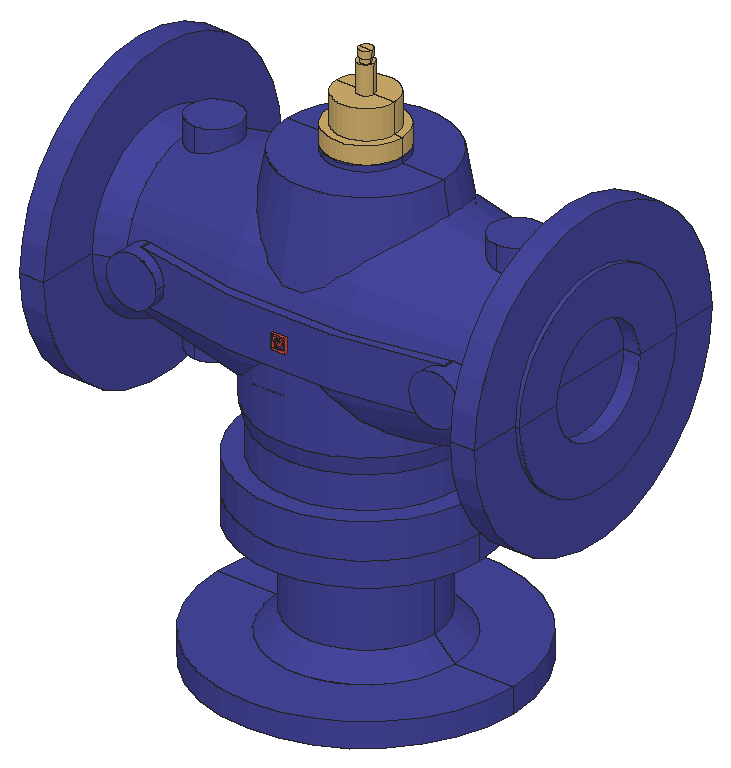
Revit family "Regelventil 4037", category Rohrzubehör, Revit 2018
Family settings
  Bemaßung runder Anschluss = Durchmesser verwenden
  Teiletyp = Unterbricht
  OmniClass-Nummer = 23.65.55.14
  OmniClass-Titel = Valves for Liquid Services
  Arbeitsebenenbasiert = Nein
  Immer vertikal = Ja
  Beim Laden mit Abzugskörper schneiden = Nein
  Gemeinsam genutzt = Nein
Parameters (values of type "kvs63")
  kvs63 = yes
  kvs6.3 = no
  kvs40 = no
  kvs4 = no
  kvs330 = no
  kvs250 = no
  kvs25 = no
  kvs2.5 = no
  kvs160 = no
  kvs16 = no
  kvs100 = no
  kvs10 = no
  kvs1.6 = no
  kvs1 = no
  Ventilsitz = "WN1.4021"  # constant formula
  Ventilkegel = "WN1.4021/Messing"  # constant formula
  Ventilcharakteristik = "gleichprozentig"  # constant formula
  URL = "www.herz-armaturen.at"
  Spindel = "WN1.4404"  # constant formula
  SCTWSEQ = "FW;SBT_TYP_FW=\"101\";3"
  SCTWCODE = "04;05;03"  # constant formula
  SCRNSEQ = "ARM;ARM_TYP=\"MISV\";3"
  SCRNCODE = "05;18;03"  # constant formula
  R14 = 4 mm  # constant formula
  R13 = 3 mm  # constant formula
  R12 = 5 mm  # constant formula
  R11 [instance] = size_lookup("4037_", "R11", 18 mm, Nennweite)  # 18 mm
  R10 [instance] = size_lookup("4037_", "R10", 23 mm, Nennweite)  # 23 mm
  R09 [instance] = size_lookup("4037_", "R9", 49 mm, Nennweite)  # 49 mm
  R08 [instance] = R00 + 3 mm  # 68 mm
  R07 [instance] = size_lookup("4037_", "R7", 15.5 mm, Nennweite)  # 15.5 mm
  R06 [instance] = size_lookup("4037_", "R6", 15.5 mm, Nennweite)  # 15.5 mm
  R05 [instance] = size_lookup("4037_", "R5", 62.5 mm, Nennweite)  # 62.5 mm
  R04 [instance] = size_lookup("4037_", "R4", 59.5 mm, Nennweite)  # 59.5 mm
  R03 [instance] = size_lookup("4037_", "R3", 43 mm, Nennweite)  # 71 mm
  R02 [instance] = size_lookup("4037_", "R2", 43 mm, Nennweite)  # 43 mm
  R01 [instance] = size_lookup("4037_", "R1", 55.5 mm, Nennweite)  # 55.5 mm
  R00 [instance] = size_lookup("4037_", "R", 65 mm, Nennweite)  # 65 mm
  PN = 16  # constant formula
  Nennweite [instance] = 65 mm
  Min. Betriebstemperatur = 5 °C  # constant formula
  Medium = "Wasserbeschaffenheit gemäß ÖNORM H 5195 und VDI 2035."
  Max. Betriebstemperatur = 150 °C  # constant formula
  Max. Betriebsdruck = 1600000.0 Pa  # constant formula
  LO1 [instance] = size_lookup("4037_", "LO1", 28.5 mm, Nennweite)  # 68 mm
  L07 [instance] = L06 - R06  # 94.5 mm
  L06 [instance] = size_lookup("4037_", "L6", 110 mm, Nennweite)  # 110 mm
  L05 [instance] = D00  # 92.5 mm
  L04 = 12.5 mm  # constant formula
  L03 = 10 mm  # constant formula
  L02 [instance] = size_lookup("4037_", "L2", 15 mm, Nennweite)  # 15 mm
  L01 = 3 mm  # constant formula
  L00 [instance] = size_lookup("4037_", "L", 145 mm, Nennweite)  # 145 mm
  Hersteller = "Herz-Armaturen GmbH"  # constant formula
  H16 [instance] = size_lookup("4037_", "H16", 22 mm, Nennweite)  # 22 mm
  H15 = 4 mm  # constant formula
  H14 [instance] = size_lookup("4037_", "H14", 17 mm, Nennweite)  # 17 mm
  H13 [instance] = size_lookup("4037_", "H13", 18 mm, Nennweite)  # 18 mm
  H12 [instance] = size_lookup("4037_", "H12", 10.5 mm, Nennweite)  # 10.5 mm
  H11 [instance] = size_lookup("4037_", "H11", 52.5 mm, Nennweite)  # 52.5 mm
  H10 [instance] = size_lookup("4037_", "H10", 135.4 mm, Nennweite)  # 135.4 mm
  H09 = 3 mm  # constant formula
  H08 [instance] = size_lookup("4037_", "H8", 79 mm, Nennweite)  # 79 mm
  H07 [instance] = R00  # 65 mm
  H06 [instance] = size_lookup("4037_", "H6", 59 mm, Nennweite)  # 59 mm
  H05 [instance] = size_lookup("4037_", "H5", 20 mm, Nennweite)  # 20 mm
  H04 [instance] = size_lookup("4037_", "H4", 17 mm, Nennweite)  # 17 mm
  H02 [instance] = size_lookup("4037_", "H2", 38 mm, Nennweite)  # 38 mm
  H01 [instance] = size_lookup("4037_", "H1", 208 mm, Nennweite)  # 208 mm
  H03 [instance] = size_lookup("4037_", "H3", 112 mm, Nennweite)  # 112 mm
  Gewicht [instance] = size_lookup("4037_", "Gewicht", 25, Nennweite)  # 25
  Gehäuse = "EN-GJL-250 (EN 1561)"  # constant formula
  Dichtungsmaterial = "70EPDM"  # constant formula
  DN80 [instance] = Nennweite = 80 mm  # no
  DN65 [instance] = Nennweite = 65 mm  # yes
  DN50 [instance] = Nennweite = 50 mm  # no
  DN40 [instance] = Nennweite = 40 mm  # no
  DN32 [instance] = Nennweite = 32 mm  # no
  DN25 [instance] = Nennweite = 25 mm  # no
  DN150 [instance] = Nennweite = 150 mm  # no
  DN15 [instance] = Nennweite = 15 mm  # no
  DN125 [instance] = Nennweite = 125 mm  # no
  DN100 [instance] = Nennweite = 100 mm  # no
  D02 [instance] = Nennweite / 2  # 32.5 mm
  D01 [instance] = size_lookup("4037_", "D1", 61 mm, Nennweite)  # 61 mm
  D00 [instance] = size_lookup("4037_", "D", 92.5 mm, Nennweite)  # 92.5 mm
  Bestellnummer [instance] = if(and(kvs1, Nennweite = 15 mm), 403701, if(and(kvs1.6, Nennweite = 15 mm), 403711, if(and(kvs2.5, Nennweite = 15 mm), 403721, if(and(kvs4, Nennweite = 15 mm), 403731, if(and(kvs6.3, Nennweite = 25 mm), 403703, if(and(kvs10, Nennweite = 25 mm), 403713, if(and(kvs16, Nennweite = 32 mm), 403704, if(and(kvs25, Nennweite = 40 mm), 403705, if(and(kvs40, Nennweite = 50 mm), 403706, if(and(kvs63, Nennweite = 65 mm), 403707, if(and(kvs100, Nennweite = 80 mm), 403708, if(and(kvs160, Nennweite = 100 mm), 403709, if(and(kvs250, Nennweite = 125 mm), 403710, if(and(kvs330, Nennweite = 150 mm), 403741, 0))))))))))))))  # 403707
  Anwendungsgebiet = "Das Ventil kann in nahezu allen Heizungs-, Lüftungs- und Klimaanlagen sowie für industrielle und technologische\r\nProzesse eingesetzt werden. Das 3-Wege-Flanschventil ist als Mischventil konzipiert. Es kann zum Mischen oder\r\nzur Umschaltung zwischen zwei eintretenden Mediumsströmen verwendet werden. Die Ventilcharakteristik ist\r\ngleichprozentig. Das Regelungsverhältnis (Verhältnis zwischen nominalem und minimalem Durchfluss) beträgt 30:1. Die\r\nAuswahl des Dreiwege-Flanschventils erfolgt entsprechend dem Diagramm über die kvs-Werte."
  Anschlussflansch = "EN 1092-2"  # constant formula
Types (15, lengths in mm): name | kvs63 | kvs6.3 | kvs40 | kvs4 | kvs330 | kvs250 | kvs25 | kvs2.5 | kvs160 | kvs16 | kvs100 | kvs10 | kvs1.6 | kvs1 | R11 | R10 | R09 | R08 | R07 | R06 | R05 | R04 | R03 | R02 | R01 | R00 | Nennweite | LO1 | L07 | L06 | L05 | L02 | L00 | H16 | H14 | H13 | H12 | H11 | H10 | H08 | H07 | H06 | H05 | H04 | H02 | H01 | H03 | Gewicht | DN80 | DN65 | DN50 | DN40 | DN32 | DN25 | DN150 | DN15 | DN125 | DN100 | D02 | D01 | D00 | Bestellnummer
  (no name) | yes | no | no | no | no | no | no | no | no | no | no | no | no | no | 18 | 23 | 49 | 68 | 15.5 | 15.5 | 62.5 | 59.5 | 71 | 43 | 55.5 | 65 | 65 | 68 | 94.5 | 110 | 92.5 | 15 | 145 | 22 | 17 | 18 | 10.5 | 52.5 | 135.4 | 79 | 65 | 59 | 20 | 17 | 38 | 208 | 112 | 25 | no | yes | no | no | no | no | no | no | no | no | 32.5 | 61 | 92.5 | 403707
  kvs1 | no | no | no | no | no | no | no | no | no | no | no | no | no | yes | 10 | 15 | 19.5 | 29.5 | 6 | 6 | 24 | 21 | 32.5 | 14 | 17 | 26.5 | 15 | 27.5 | 34 | 40 | 47.5 | 11 | 65 | 18 | 13 | 14 | 6.8 | 40.8 | 80.3 | 36.5 | 26.5 | 24.5 | 5 | 13 | 11 | 110 | 49 | 5 | no | no | no | no | no | no | no | yes | no | no | 7.5 | 22.5 | 47.5 | 403701
  kvs1.6 | no | no | no | no | no | no | no | no | no | no | no | no | yes | no | 10 | 15 | 19.5 | 29.5 | 6 | 6 | 24 | 21 | 32.5 | 14 | 17 | 26.5 | 15 | 27.5 | 34 | 40 | 47.5 | 11 | 65 | 18 | 13 | 14 | 6.8 | 40.8 | 80.3 | 36.5 | 26.5 | 24.5 | 5 | 13 | 11 | 110 | 49 | 5 | no | no | no | no | no | no | no | yes | no | no | 7.5 | 22.5 | 47.5 | 403711
  kvs2.5 | no | no | no | no | no | no | no | yes | no | no | no | no | no | no | 10 | 15 | 19.5 | 29.5 | 6 | 6 | 24 | 21 | 32.5 | 14 | 17 | 26.5 | 15 | 27.5 | 34 | 40 | 47.5 | 11 | 65 | 18 | 13 | 14 | 6.8 | 40.8 | 80.3 | 36.5 | 26.5 | 24.5 | 5 | 13 | 11 | 110 | 49 | 5 | no | no | no | no | no | no | no | yes | no | no | 7.5 | 22.5 | 47.5 | 403721
  kvs4 | no | no | no | yes | no | no | no | no | no | no | no | no | no | no | 10 | 15 | 19.5 | 29.5 | 6 | 6 | 24 | 21 | 32.5 | 14 | 17 | 26.5 | 15 | 27.5 | 34 | 40 | 47.5 | 11 | 65 | 18 | 13 | 14 | 6.8 | 40.8 | 80.3 | 36.5 | 26.5 | 24.5 | 5 | 13 | 11 | 110 | 49 | 5 | no | no | no | no | no | no | no | yes | no | no | 7.5 | 22.5 | 47.5 | 403731
  kvs6.3 | no | yes | no | no | no | no | no | no | no | no | no | no | no | no | 10 | 15 | 19.5 | 41 | 7 | 7 | 35.5 | 32.5 | 44 | 19.5 | 28.5 | 38 | 25 | 40 | 45 | 52 | 57.5 | 13 | 80 | 20 | 13 | 14 | 6.8 | 40.8 | 88.3 | 44.5 | 38 | 35 | 5 | 15 | 3 | 121 | 64 | 8 | no | no | no | no | no | yes | no | no | no | no | 12.5 | 34 | 57.5 | 403703
  kvs10 | no | no | no | no | no | no | no | no | no | no | no | yes | no | no | 10 | 15 | 19.5 | 41 | 7 | 7 | 35.5 | 32.5 | 44 | 19.5 | 28.5 | 38 | 25 | 40 | 45 | 52 | 57.5 | 13 | 80 | 20 | 13 | 14 | 6.8 | 40.8 | 88.3 | 44.5 | 38 | 35 | 5 | 15 | 3 | 121 | 64 | 8 | no | no | no | no | no | yes | no | no | no | no | 12.5 | 34 | 57.5 | 403713
  kvs16 | no | no | no | no | no | no | no | no | no | yes | no | no | no | no | 10 | 15 | 20.5 | 46 | 9 | 9 | 40.5 | 37.5 | 49 | 24.5 | 33.5 | 43 | 32 | 45 | 51 | 60 | 70 | 13 | 90 | 20 | 17 | 18 | 10.5 | 52.5 | 102 | 46.5 | 43 | 39 | 15 | 15 | 4 | 142 | 84 | 11.5 | no | no | no | no | yes | no | no | no | no | no | 16 | 39 | 70 | 403704
  kvs25 | no | no | no | no | no | no | yes | no | no | no | no | no | no | no | 10 | 15 | 20.5 | 51 | 12 | 12 | 45.5 | 42.5 | 54 | 29 | 38.5 | 48 | 40 | 50 | 56 | 68 | 75 | 13 | 100 | 20 | 17 | 18 | 10.5 | 52.5 | 112 | 56.5 | 48 | 43 | 20 | 15 | 1 | 149 | 94 | 13 | no | no | no | yes | no | no | no | no | no | no | 20 | 44 | 75 | 403705
  kvs63 | yes | no | no | no | no | no | no | no | no | no | no | no | no | no | 18 | 23 | 49 | 68 | 15.5 | 15.5 | 62.5 | 59.5 | 71 | 43 | 55.5 | 65 | 65 | 68 | 94.5 | 110 | 92.5 | 15 | 145 | 22 | 17 | 18 | 10.5 | 52.5 | 135.4 | 79 | 65 | 59 | 20 | 17 | 38 | 208 | 112 | 25 | no | yes | no | no | no | no | no | no | no | no | 32.5 | 61 | 92.5 | 403707
  kvs100 | no | no | no | no | no | no | no | no | no | no | yes | no | no | no | 18 | 23 | 49 | 76 | 15.5 | 15.5 | 70.5 | 67.5 | 79 | 51 | 63.5 | 73 | 80 | 77 | 99.5 | 115 | 100 | 17 | 155 | 24 | 17 | 18 | 10.5 | 52.5 | 168.5 | 113 | 73 | 65 | 20 | 19 | 46 | 233 | 125 | 31 | yes | no | no | no | no | no | no | no | no | no | 40 | 69 | 100 | 403708
  kvs160 | no | no | no | no | no | no | no | no | yes | no | no | no | no | no | 30 | 35 | 61 | 86 | 20.5 | 20.5 | 80.5 | 77.5 | 89 | 61 | 73.5 | 83 | 100 | 88 | 112.5 | 133 | 110 | 17 | 175 | 24 | 21 | 22 | 14.2 | 64.2 | 189.7 | 122.5 | 83 | 73 | 25 | 19 | 65 | 262 | 135 | 46 | no | no | no | no | no | no | no | no | no | yes | 50 | 79 | 110 | 403709
  kvs250 | no | no | no | no | no | yes | no | no | no | no | no | no | no | no | 30 | 35 | 61 | 101 | 20.5 | 20.5 | 95.5 | 92.5 | 104 | 76 | 88.5 | 98 | 125 | 103 | 134.5 | 155 | 125 | 19 | 200 | 26 | 21 | 22 | 14.2 | 64.2 | 231 | 163.5 | 98 | 80 | 30 | 21 | 44 | 268 | 158 | 72 | no | no | no | no | no | no | no | no | yes | no | 62.5 | 94 | 125 | 403710
  kvs330 | no | no | no | no | yes | no | no | no | no | no | no | no | no | no | 30 | 35 | 61 | 113 | 20.5 | 20.5 | 107.5 | 104.5 | 116 | 88 | 100.5 | 110 | 150 | 115 | 174.5 | 195 | 142.5 | 19 | 240 | 26 | 21 | 22 | 14.2 | 64.2 | 237.5 | 170 | 110 | 85 | 25 | 21 | 42 | 261 | 153 | 91 | no | no | no | no | no | no | yes | no | no | no | 75 | 106 | 142.5 | 403741
  kvs40 | no | no | yes | no | no | no | no | no | no | no | no | no | no | no | 18 | 23 | 49 | 56 | 13.5 | 13.5 | 52.5 | 49.5 | 61 | 34 | 45.5 | 53 | 50 | 56 | 66.5 | 80 | 82.5 | 15 | 115 | 20 | 17 | 18 | 10.5 | 52.5 | 122 | 66.5 | 53 | 43 | 1 | 15 | 42 | 167 | 67 | 16 | no | no | yes | no | no | no | no | no | no | no | 25 | 51 | 82.5 | 403706
Reference planes
  plane 1 "Mitte (Vorne/hinten)": y = 0
  plane 2: z = 0
  plane 3 "Mitte (Links/rechts)": x = 0
Forms (mm)
  Revolve 1, solid, material "kunststoff-BLAU", detail levels fine
    sketch origin (1065, 0, 0) x (1, 0, 0) y (0, 1, 0)
      loop
        line (-1207, 61) -> (-1210, 61) -> (-1210, 32.5) -> (-1200, 32.5) -> (-1200, 0) -> (-930, 0) -> (-930, 32.5) -> (-920, 32.5) -> (-920, 61) -> (-923, 61) -> (-923, 92.5) -> (-938, 92.5) -> (-938, 55.5) -> (-955, 49.943)
        arc (-955, 49.943) -> (-1065, 65) -> (-1175, 49.943) r 409.331
        line (-1175, 49.943) -> (-1192, 55.5) -> (-1192, 92.5) -> (-1207, 92.5) -> (-1207, 61)
      axis (-920, 0) -> (-1210, 0)
    angle from 0 to 360
  Extrusion 2, solid, material "kunststoff-BLAU", detail levels fine
    sketch origin (0, 0, 0) x (-1, 0, 0) y (0, 0, -1)
      loop
        circle (94.5, 0) r 15.5
      loop
        circle (-94.5, 0) r 15.5
    from -65 to 65
  Extrusion 3, solid, material "kunststoff-BLAU", visible <- "DN65", detail levels fine
    sketch origin (0, 0, 0) x (1, 0, 0) y (0, 1, 0)
      loop
        arc (-95, -56.907) -> (0, -68) -> (95, -56.907) r 412.331
        line (95, -56.907) -> (95, 56.907)
        arc (95, 56.907) -> (0, 68) -> (-95, 56.907) r 412.331
        line (-95, 56.907) -> (-95, -56.907)
    from -15.5 to 15.5
  Revolve 4, solid, material "kunststoff-BLAU", detail levels fine
    sketch origin (0, 0, 0) x (1, 0, 0) y (0, 0, 1)
      loop
        line (-49, 79) -> (-62.5, 0) -> (0, 0) -> (0, 82) -> (-23, 82) -> (-23, 79) -> (-49, 79)
      axis (0, 82) -> (0, 0)
    angle from 0 to 360
  Revolve 5, solid, material "kunststoff-BLAU", detail levels fine
    sketch origin (0, 0, 0) x (1, 0, 0) y (0, 0, 1)
      loop
        line (0, 0) -> (-62.5, 0) -> (-62.5, -59) -> (-59.5, -70) -> (-59.5, -90) -> (-71, -90) -> (-71, -112) -> (0, -112) -> (0, 0)
      axis (0, 0) -> (0, -112)
    angle from 0 to 360
  Revolve 6, solid, material "kunststoff-BLAU", detail levels fine
    sketch origin (0, 0, 0) x (1, 0, 0) y (0, 0, 1)
      loop
        line (-61, -205) -> (-61, -208) -> (-32.5, -208) -> (-32.5, -198) -> (0, -198) -> (0, -112) -> (-71, -112) -> (-71, -127) -> (-55.5, -127) -> (-43, -139.5) -> (-43, -177.5) -> (-55.5, -190) -> (-92.5, -190) -> (-92.5, -205) -> (-61, -205)
      axis (0, -112) -> (0, -208)
    angle from 0 to 360
  Extrusion 7, solid, material "kunststoff-BLAU", detail levels fine
    sketch origin (0, 0, 0) x (0, -1, 0) y (1, 0, 0)
      loop
        circle (0, -94.5) r 15.5
      loop
        circle (0, 94.5) r 15.5
    from -65 to 65
  Extrusion 8, solid, material "kunststoff-BLAU", visible <- "DN150", detail levels fine
    sketch origin (0, 0, 0) x (1, 0, 0) y (0, 1, 0)
      loop
        arc (-179.5, -78.475) -> (0, -115) -> (179.5, -78.475) r 459.331
        line (179.5, -78.475) -> (179.5, 78.475)
        arc (179.5, 78.475) -> (0, 115) -> (-179.5, 78.475) r 459.331
        line (-179.5, 78.475) -> (-179.5, -78.475)
    from -20.5 to 20.5
  Extrusion 9, solid, material "kunststoff-BLAU", visible <- "DN125", detail levels fine
    sketch origin (0, 0, 0) x (1, 0, 0) y (0, 1, 0)
      loop
        arc (-134.5, -82.301) -> (0, -103) -> (134.5, -82.301) r 447.331
        line (134.5, -82.301) -> (134.5, 82.301)
        arc (134.5, 82.301) -> (0, 103) -> (-134.5, 82.301) r 447.331
        line (-134.5, 82.301) -> (-134.5, -82.301)
    from -20.5 to 20.5
  Extrusion 10, solid, material "kunststoff-BLAU", visible <- "DN100", detail levels fine
    sketch origin (0, 0, 0) x (1, 0, 0) y (0, 1, 0)
      loop
        arc (-112.5, -73.106) -> (0, -88) -> (112.5, -73.106) r 432.331
        line (112.5, -73.106) -> (112.5, 73.106)
        arc (112.5, 73.106) -> (0, 88) -> (-112.5, 73.106) r 432.331
        line (-112.5, 73.106) -> (-112.5, -73.106)
    from -20.5 to 20.5
  Extrusion 11, solid, material "kunststoff-BLAU", visible <- "DN80", detail levels fine
    sketch origin (0, 0, 0) x (1, 0, 0) y (0, 1, 0)
      loop
        line (99.5, -65.083) -> (99.5, 65.083)
        arc (99.5, 65.083) -> (0, 77) -> (-99.5, 65.083) r 421.331
        line (-99.5, 65.083) -> (-99.5, -65.083)
        arc (-99.5, -65.083) -> (0, -77) -> (99.5, -65.083) r 421.331
    from -15.5 to 15.5
  Extrusion 12, solid, material "kunststoff-BLAU", visible <- "DN50", detail levels fine
    sketch origin (0, 0, 0) x (1, 0, 0) y (0, 1, 0)
      loop
        arc (-66.5, -50.44) -> (0, -56.006) -> (66.5, -50.44) r 400.05
        line (66.5, -50.44) -> (66.5, 50.44)
        arc (66.5, 50.44) -> (0, 56.006) -> (-66.5, 50.44) r 400.05
        line (-66.5, 50.44) -> (-66.5, -50.44)
    from -13.5 to 13.5
  Extrusion 13, solid, material "kunststoff-BLAU", visible <- "DN40", detail levels fine
    sketch origin (0, 0, 0) x (1, 0, 0) y (0, 1, 0)
      loop
        arc (-56, -46.003) -> (0, -50) -> (56, -46.003) r 394.331
        line (56, -46.003) -> (56, 46.003)
        arc (56, 46.003) -> (0, 50) -> (-56, 46.003) r 394.331
        line (-56, 46.003) -> (-56, -46.003)
    from -12 to 12
  Extrusion 14, solid, material "kunststoff-BLAU", visible <- "DN32", detail levels fine
    sketch origin (0, 0, 0) x (1, 0, 0) y (0, 1, 0)
      loop
        arc (-51, -41.645) -> (0, -45) -> (51, -41.645) r 389.331
        line (51, -41.645) -> (51, 41.645)
        arc (51, 41.645) -> (0, 45) -> (-51, 41.645) r 389.331
        line (-51, 41.645) -> (-51, -41.645)
    from -9 to 9
  Extrusion 15, solid, material "kunststoff-BLAU", visible <- "DN25", detail levels fine
    sketch origin (0, 0, 0) x (1, 0, 0) y (0, 1, 0)
      loop
        line (45, -37.356) -> (45, 37.356)
        arc (45, 37.356) -> (0, 40) -> (-45, 37.356) r 384.331
        line (-45, 37.356) -> (-45, -37.356)
        arc (-45, -37.356) -> (0, -40) -> (45, -37.356) r 384.331
    from -7 to 7
  Extrusion 16, solid, material "kunststoff-BLAU", visible <- "DN15", detail levels fine
    sketch origin (0, 0, 0) x (1, 0, 0) y (0, 1, 0)
      loop
        line (-34, 25.942) -> (-34, -25.942)
        arc (-34, -25.942) -> (0, -27.5) -> (34, -25.942) r 371.831
        line (34, -25.942) -> (34, 25.942)
        arc (34, 25.942) -> (0, 27.5) -> (-34, 25.942) r 371.831
    from -6 to 6
  Revolve 17, solid, material "Messing-poliert", detail levels fine
    sketch origin (0, 0, 0) x (1, 0, 0) y (0, 0, 1)
      loop
        line (-23, 93.4) -> (-23, 82.9) -> (0, 82.9) -> (0, 135.4) -> (-4, 135.4) -> (-4, 131.4) -> (-3, 131.4) -> (-3, 128.4) -> (-5, 128.4) -> (-5, 111.4) -> (-18, 111.4) -> (-18, 93.4) -> (-23, 93.4)
      axis (0, 135.4) -> (0, 82.9)
    angle from 0 to 360
Lines and regions (mm)
  model lines, detail levels coarse+medium
    curve 1: line (-145, 0, 92.5) -> (-145, 0, -92.5)
    curve 2: line (-145, 0, -92.5) -> (145, 0, 92.5)
    curve 3: line (145, 0, 92.5) -> (145, 0, -92.5)
    curve 4: line (145, 0, -92.5) -> (-145, 0, 92.5)
    curve 5: line (0, 0, 0) -> (92.5, 0, -208)
    curve 6: line (92.5, 0, -208) -> (-92.5, 0, -208)
    curve 7: line (-92.5, 0, -208) -> (0, 0, 0)
    curve 8: line (-145, 92.5, 0) -> (-145, -92.5, 0)
    curve 9: line (-145, -92.5, 0) -> (145, 92.5, 0)
    curve 10: line (145, 92.5, 0) -> (145, -92.5, 0)
    curve 11: line (145, -92.5, 0) -> (-145, 92.5, 0)
    curve 12: line (0, 0, 0) -> (92.5, -208, 0)
    curve 13: line (92.5, -208, 0) -> (-92.5, -208, 0)
    curve 14: line (-92.5, -208, 0) -> (0, 0, 0)
Dimensions and locks
  "L00": Revolve 1 sketch curve to plane 3 "Mitte (Links/rechts)" to Revolve 1 sketch curve
  "D00": plane 1 "Mitte (Vorne/hinten)" to Revolve 1 sketch curve  (x2)
  "D02": plane 1 "Mitte (Vorne/hinten)" to Revolve 1 sketch curve  (x2)
  "L01": Revolve 1 sketch curve to Revolve 1 sketch curve  (x2)
  "L02": Revolve 1 sketch curve to Revolve 1 sketch curve  (x2)
  "D01": plane 1 "Mitte (Vorne/hinten)" to Revolve 1 sketch curve  (x2)
  "R01": plane 1 "Mitte (Vorne/hinten)" to Revolve 1 sketch curve  (x2)
  "R00": Revolve 1 sketch curve to Revolve 1 sketch curve
  "L03": Revolve 1 sketch curve to Revolve 1 sketch curve  (x2)
  "D02": plane 3 "Mitte (Links/rechts)" to Revolve 6 sketch curve
  "R02": plane 3 "Mitte (Links/rechts)" to Revolve 6 sketch curve
  "R01": plane 3 "Mitte (Links/rechts)" to Revolve 6 sketch curve  (x2)
  "D01": plane 3 "Mitte (Links/rechts)" to Revolve 6 sketch curve
  "D00": plane 3 "Mitte (Links/rechts)" to Revolve 6 sketch curve
  "H01": plane 2 to Revolve 6 sketch curve
  "L01": Revolve 6 sketch curve to Revolve 6 sketch curve
  "L02": Revolve 6 sketch curve to Revolve 6 sketch curve  (x2)
  "L03": Revolve 6 sketch curve to Revolve 6 sketch curve
  "R03": plane 3 "Mitte (Links/rechts)" to Revolve 6 sketch curve
  "L04": Revolve 6 sketch curve to Revolve 6 sketch curve  (x2)
  "R03": Revolve 5 sketch curve to Revolve 5 sketch curve
  "H03": plane 2 to Revolve 5 sketch curve
  "H06": Revolve 5 sketch curve to Revolve 5 sketch curve
  "R04": Revolve 5 sketch curve to Revolve 5 sketch curve
  "R05": Revolve 5 sketch curve to Revolve 5 sketch curve
  "H05": Revolve 5 sketch curve to Revolve 5 sketch curve
  "L06": Revolve 1 sketch curve to plane 3 "Mitte (Links/rechts)" to Revolve 1 sketch curve
  "H03": plane 2 to Revolve 6 sketch curve
  "R09": Revolve 4 sketch curve to Revolve 4 sketch curve
  "R05": Revolve 4 sketch curve to Revolve 4 sketch curve
  "H07": Extrusion 7 to plane 2 to Extrusion 7  (x2)
  "L07": plane 3 "Mitte (Links/rechts)" to Extrusion 7 sketch curve
  "L07": Extrusion 7 sketch curve to plane 3 "Mitte (Links/rechts)"
  "H07": Extrusion 2 to plane 1 "Mitte (Vorne/hinten)"  (x3)
  "L07": plane 3 "Mitte (Links/rechts)" to Extrusion 2 sketch curve
  "L07": Extrusion 2 sketch curve to plane 3 "Mitte (Links/rechts)"
  "H07": plane 1 "Mitte (Vorne/hinten)" to Extrusion 2
  "H08": Revolve 4 sketch curve to plane 2
  "H09": Revolve 4 sketch curve to Revolve 4 sketch curve
  "R10": plane 3 "Mitte (Links/rechts)" to Revolve 4 sketch curve
  "H11": Revolve 17 sketch curve to Revolve 17 sketch curve
  "H10": Revolve 17 sketch curve to plane 2
  "R10": plane 3 "Mitte (Links/rechts)" to Revolve 17 sketch curve
  "H12": Revolve 17 sketch curve to Revolve 17 sketch curve
  "H13": Revolve 17 sketch curve to Revolve 17 sketch curve
  "H14": Revolve 17 sketch curve to Revolve 17 sketch curve
  "H15": Revolve 17 sketch curve to Revolve 17 sketch curve
  "R14": plane 3 "Mitte (Links/rechts)" to Revolve 17 sketch curve
  "R13": plane 3 "Mitte (Links/rechts)" to Revolve 17 sketch curve
  "R11": plane 3 "Mitte (Links/rechts)" to Revolve 17 sketch curve
  "R12": plane 3 "Mitte (Links/rechts)" to Revolve 17 sketch curve
  "LO1": nested 1 to plane 1 "Mitte (Vorne/hinten)"
  "H16": Revolve 5 sketch curve to Revolve 6
  "L00": curve 1 to plane 3 "Mitte (Links/rechts)" to curve 3
  "D00": curve 3 to plane 2 to curve 4
  "D00": curve 4 to plane 2 to curve 2
  "H01": plane 2 to curve 6
  "D00": curve 6 to plane 3 "Mitte (Links/rechts)" to curve 7
  "L00": curve 8 to plane 3 "Mitte (Links/rechts)" to curve 10
  "D00": curve 11 to plane 1 "Mitte (Vorne/hinten)" to curve 10
  "D00": curve 9 to plane 1 "Mitte (Vorne/hinten)" to curve 11
  "H01": curve 13 to plane 1 "Mitte (Vorne/hinten)"
  "D00": curve 14 to plane 3 "Mitte (Links/rechts)" to curve 13
  "R06": radius of Extrusion 7 sketch curve  (x2)
  "R07": radius of Extrusion 2 sketch curve  (x2)
  aligned and locked: level to plane 2
Automatic sketch dimensions
  Extrusion 3 sketch curve to plane 1 "Mitte (Vorne/hinten)" = 56.907 mm  (x2)
  Extrusion 3 sketch curve to plane 3 "Mitte (Links/rechts)" = 0 mm  (x2)
  Extrusion 3 sketch curve to Extrusion 3 sketch curve = 113.814 mm
  Extrusion 3 sketch curve to Extrusion 3 sketch curve = 287.425 mm
  Extrusion 3 sketch curve to plane 1 "Mitte (Vorne/hinten)" = 344.331 mm
  plane 3 "Mitte (Links/rechts)" to Extrusion 3 sketch curve = 95 mm
  Extrusion 8 sketch curve to plane 3 "Mitte (Links/rechts)" = 0 mm  (x2)
  Extrusion 8 sketch curve to plane 1 "Mitte (Vorne/hinten)" = 78.475 mm  (x2)
  plane 1 "Mitte (Vorne/hinten)" to Extrusion 8 sketch curve = 78.475 mm
  Extrusion 8 sketch curve to plane 3 "Mitte (Links/rechts)" = 179.5 mm
  Extrusion 8 sketch curve to Extrusion 8 sketch curve = 265.857 mm
  Extrusion 8 sketch curve to plane 1 "Mitte (Vorne/hinten)" = 344.331 mm
  plane 3 "Mitte (Links/rechts)" to Extrusion 9 sketch curve = 134.5 mm
  plane 1 "Mitte (Vorne/hinten)" to Extrusion 9 sketch curve = 82.301 mm  (x2)
  Extrusion 9 sketch curve to plane 3 "Mitte (Links/rechts)" = 0 mm  (x2)
  Extrusion 9 sketch curve to Extrusion 9 sketch curve = 262.031 mm  (x2)
  Extrusion 9 sketch curve to plane 1 "Mitte (Vorne/hinten)" = 82.301 mm
  Extrusion 10 sketch curve to plane 3 "Mitte (Links/rechts)" = 0 mm  (x2)
  plane 1 "Mitte (Vorne/hinten)" to Extrusion 10 sketch curve = 73.106 mm
  Extrusion 10 sketch curve to plane 3 "Mitte (Links/rechts)" = 112.5 mm
  Extrusion 10 sketch curve to Extrusion 10 sketch curve = 271.225 mm
  Extrusion 10 sketch curve to plane 1 "Mitte (Vorne/hinten)" = 344.331 mm
  Extrusion 10 sketch curve to plane 1 "Mitte (Vorne/hinten)" = 73.106 mm  (x2)
  Extrusion 11 sketch curve to plane 3 "Mitte (Links/rechts)" = 0 mm  (x2)
  plane 1 "Mitte (Vorne/hinten)" to Extrusion 11 sketch curve = 65.083 mm  (x2)
  Extrusion 11 sketch curve to plane 3 "Mitte (Links/rechts)" = 99.5 mm
  Extrusion 11 sketch curve to Extrusion 11 sketch curve = 279.249 mm
  Extrusion 11 sketch curve to plane 1 "Mitte (Vorne/hinten)" = 344.331 mm
  Extrusion 11 sketch curve to plane 1 "Mitte (Vorne/hinten)" = 65.083 mm
  Extrusion 12 sketch curve to plane 3 "Mitte (Links/rechts)" = 0 mm  (x2)
  Extrusion 12 sketch curve to plane 3 "Mitte (Links/rechts)" = 66.5 mm
  plane 3 "Mitte (Links/rechts)" to Extrusion 12 sketch curve = 66.5 mm
  plane 1 "Mitte (Vorne/hinten)" to Extrusion 12 sketch curve = 344.044 mm
  plane 1 "Mitte (Vorne/hinten)" to Extrusion 12 sketch curve = 50.44 mm
  Extrusion 12 sketch curve to plane 1 "Mitte (Vorne/hinten)" = 50.44 mm
  Extrusion 12 sketch curve to Extrusion 12 sketch curve = 293.604 mm
  Extrusion 13 sketch curve to plane 3 "Mitte (Links/rechts)" = 0 mm  (x2)
  Extrusion 13 sketch curve to plane 3 "Mitte (Links/rechts)" = 56 mm
  plane 3 "Mitte (Links/rechts)" to Extrusion 13 sketch curve = 56 mm
  plane 1 "Mitte (Vorne/hinten)" to Extrusion 13 sketch curve = 344.331 mm
  plane 1 "Mitte (Vorne/hinten)" to Extrusion 13 sketch curve = 46.003 mm
  Extrusion 13 sketch curve to plane 1 "Mitte (Vorne/hinten)" = 46.003 mm
  Extrusion 13 sketch curve to Extrusion 13 sketch curve = 298.328 mm
  Extrusion 14 sketch curve to plane 3 "Mitte (Links/rechts)" = 0 mm  (x2)
  Extrusion 14 sketch curve to plane 3 "Mitte (Links/rechts)" = 51 mm
  plane 3 "Mitte (Links/rechts)" to Extrusion 14 sketch curve = 51 mm
  plane 1 "Mitte (Vorne/hinten)" to Extrusion 14 sketch curve = 344.331 mm
  plane 1 "Mitte (Vorne/hinten)" to Extrusion 14 sketch curve = 41.645 mm
  Extrusion 14 sketch curve to plane 1 "Mitte (Vorne/hinten)" = 41.645 mm
  Extrusion 14 sketch curve to Extrusion 14 sketch curve = 302.686 mm
  Extrusion 15 sketch curve to plane 3 "Mitte (Links/rechts)" = 0 mm  (x2)
  Extrusion 15 sketch curve to plane 3 "Mitte (Links/rechts)" = 45 mm
  plane 3 "Mitte (Links/rechts)" to Extrusion 15 sketch curve = 45 mm
  plane 1 "Mitte (Vorne/hinten)" to Extrusion 15 sketch curve = 344.331 mm
  plane 1 "Mitte (Vorne/hinten)" to Extrusion 15 sketch curve = 37.356 mm
  Extrusion 15 sketch curve to plane 1 "Mitte (Vorne/hinten)" = 37.356 mm
  Extrusion 15 sketch curve to Extrusion 15 sketch curve = 306.975 mm
  Extrusion 16 sketch curve to plane 3 "Mitte (Links/rechts)" = 0 mm  (x2)
  Extrusion 16 sketch curve to plane 3 "Mitte (Links/rechts)" = 34 mm
  plane 3 "Mitte (Links/rechts)" to Extrusion 16 sketch curve = 34 mm
  plane 1 "Mitte (Vorne/hinten)" to Extrusion 16 sketch curve = 344.331 mm
  plane 1 "Mitte (Vorne/hinten)" to Extrusion 16 sketch curve = 25.942 mm
  Extrusion 16 sketch curve to plane 1 "Mitte (Vorne/hinten)" = 25.942 mm
  Extrusion 16 sketch curve to Extrusion 16 sketch curve = 318.389 mm
  curve 5 to level = 0 mm
  plane 1 "Mitte (Vorne/hinten)" to curve 12 = 0 mm
  Revolve 1 sketch curve to plane 1 "Mitte (Vorne/hinten)" = 0 mm
  Revolve 1 sketch curve to plane 3 "Mitte (Links/rechts)" = 0 mm
  plane 1 "Mitte (Vorne/hinten)" to Revolve 1 sketch curve = 0 mm
  plane 1 "Mitte (Vorne/hinten)" to Revolve 1 sketch curve = 344.331 mm
  Revolve 1 sketch curve to Revolve 1 sketch curve = 1855 mm  (x2)
  Extrusion 2 sketch curve to level = 0 mm  (x2)
  Revolve 4 sketch curve to level = 0 mm
  Revolve 4 sketch curve to plane 3 "Mitte (Links/rechts)" = 0 mm  (x2)
  Revolve 4 sketch curve to Revolve 4 sketch curve = 366.045 mm
  Revolve 4 sketch curve to Revolve 4 sketch curve = 2132.315 mm
  Revolve 5 sketch curve to level = 0 mm
  Revolve 5 sketch curve to plane 3 "Mitte (Links/rechts)" = 0 mm  (x2)
  Revolve 5 sketch curve to Revolve 5 sketch curve = 254.045 mm
  level to Revolve 5 sketch curve = 2214.315 mm
  Revolve 6 sketch curve to plane 3 "Mitte (Links/rechts)" = 0 mm  (x2)
  Revolve 6 sketch curve to Revolve 6 sketch curve = 158.045 mm
  level to Revolve 6 sketch curve = 2214.315 mm
  plane 1 "Mitte (Vorne/hinten)" to Extrusion 7 sketch curve = 0 mm  (x2)
  Revolve 17 sketch curve to plane 3 "Mitte (Links/rechts)" = 0 mm  (x2)
  Revolve 17 sketch curve to level = 366.045 mm
  Revolve 17 sketch curve to Revolve 17 sketch curve = 2079.815 mm
Nested families
  nested 1: "Herz-Logo-vorne" at (-0.018, -68, 0) x (0, 1, 0) z (0, 0, 1), type "Herz-Logo-vorne", detail levels fine
Connectors
  piping at (-145, 0, 0), diameter 65, driven by "Nennweite"
    settings: on Revolve 1, index 1, connector inside diameter 609.6 mm, connector length 0 mm, flow factor 0, pipe flow 0.0 L/s, pressure drop 0.0 Pa, fitting loss kfactor 0, connector angle 0.00°, fixture units 0, engagement length 0 mm, angle of deflection 0.00°, flow configuration 0, flow direction 1, fitting loss method 0, system type 29, joint type 0, gender type 0, connector reference index -1, connector utility 0, adjustable connector no, is connector primary yes, connector description ""
  piping at (145, 0, 0), diameter 65, driven by "Nennweite"
    settings: on Revolve 1, index 2, connector inside diameter 609.6 mm, connector length 0 mm, flow factor 0, pipe flow 0.0 L/s, pressure drop 0.0 Pa, fitting loss kfactor 0, connector angle 0.00°, fixture units 0, engagement length 0 mm, angle of deflection 0.00°, flow configuration 0, flow direction 2, fitting loss method 0, system type 29, joint type 0, gender type 0, connector reference index -1, connector utility 0, adjustable connector no, is connector primary no, connector description ""
  piping at (0, 0, -208), diameter 65, driven by "Nennweite"
    settings: on Revolve 6, index 3, connector inside diameter 609.6 mm, connector length 0 mm, flow factor 0, pipe flow 0.0 L/s, pressure drop 0.0 Pa, fitting loss kfactor 0, connector angle 0.00°, fixture units 0, engagement length 0 mm, angle of deflection 0.00°, flow configuration 0, flow direction 1, fitting loss method 0, system type 29, joint type 0, gender type 0, connector reference index -1, connector utility 0, adjustable connector no, is connector primary no, connector description ""
Definition of nested family "Herz-Logo-vorne"
  Reference planes
    plane 1 "Mitte (Vorne/hinten)": y = 0
    plane 2: z = 0
    plane 3 "Mitte (Links/rechts)": x = 0
  Forms (mm)
    Extrusion 1, solid
      sketch origin (0.732, -0.018, 0.017) x (0, -1, 0) y (0, 0, 1)
        loop
          line (-0.018, -4.517) -> (4.482, -4.517) -> (4.482, 4.483) -> (-4.518, 4.483) -> (-4.518, -4.517) -> (-0.018, -4.517)
        loop
          line (-0.05, -3.48) -> (3.482, -3.48) -> (3.482, 3.483) -> (-3.518, 3.483) -> (-3.518, -3.48) -> (-0.05, -3.48)
        loop
          arc (-0.018, 2.383) -> (-1.543, 3.287) -> (-3.067, 2.383) r 1.738
          arc (-3.067, 2.383) -> (-3.191, 1.899) -> (-3.067, 1.415) r 1.009
          line (-3.067, 1.415) -> (-0.018, -3.281) -> (3.032, 1.415)
          arc (3.032, 1.415) -> (3.156, 1.899) -> (3.032, 2.383) r 1.009
          arc (3.032, 2.383) -> (1.507, 3.287) -> (-0.018, 2.383) r 1.738
        loop
          arc (1.885, 1.272) -> (2.005, 1.675) -> (1.885, 2.079) r 0.74
          arc (1.885, 2.079) -> (1.265, 2.416) -> (0.644, 2.079) r 0.74
          line (0.644, 2.079) -> (-0.018, 0.97) -> (-0.679, 2.079)
          arc (-0.679, 2.079) -> (-1.3, 2.416) -> (-1.921, 2.079) r 0.74
          arc (-1.921, 2.079) -> (-2.04, 1.675) -> (-1.921, 1.272) r 0.74
          line (-1.921, 1.272) -> (-0.018, -1.658) -> (1.885, 1.272)
      from 0 to 1.5
  Dimensions and locks
    aligned and locked: level to plane 2
